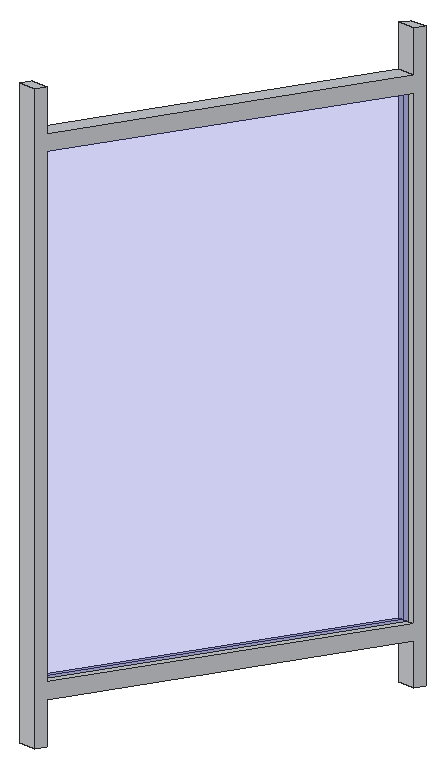
Revit family
Parameters (values of type "600mm - Glass")
  built-in parameter 1008623 [instance] = (empty or 0)
  built-in parameter 1008625 [instance] = 18.00°
  Post = no
  Panel Material = Glass
  Width [instance] = 600 mm
  Frame Material = none
  built-in parameter 1008624 [instance] = (empty or 0)
  built-in parameter 1008622 [instance] = 750 mm
Types (4, lengths in mm): name | Panel Material | Width
  (no name) | Glass | 600
  600mm - Glass | Glass | 600
  600mm - Chainlink | Chainlink | 600
  450mm - Glass | Glass | 450
Reference planes
  plane 1 "Center (Front/Back)": y = 0
  plane 2: z = 0
  plane 3 "Center (Left/Right)": x = 0
  plane 4 "Top": z = 750
  plane 5 "Slope Angle (Top)": through (0, 220.419, 678.381) normal (0, -0.309, -0.9511)
  plane 6 "Slope Angle (Bottom)": through (0, 0, 0) normal (0, -0.309, -0.9511)
  plane 7 "Front": y = 300
  plane 8 "Back": y = -300
  plane 9: z = 1054.8
  plane 10: z = -304.8
  plane 11: x = -19.05
  plane 12: x = 25.4
  plane 13: x = -9.525
  plane 14: x = 9.525
  plane 15: x = -3.175
  plane 16: x = 3.175
Forms (mm)
  Extrusion 1, solid, material <- "Frame Material"
    sketch origin (0, 0, 0) x (1, 0, 0) y (0, 1, 0)
      loop
        line (-9.525, 309.525) -> (-9.525, 290.475) -> (9.525, 290.475) -> (9.525, 309.525) -> (-9.525, 309.525)
    from -304.8 to 1054.8
  Extrusion 2, solid, material <- "Frame Material"
    sketch origin (0, 0, 0) x (1, 0, 0) y (0, 1, 0)
      loop
        line (-9.525, -290.475) -> (-9.525, -309.525) -> (9.525, -309.525) -> (9.525, -290.475) -> (-9.525, -290.475)
    from -304.8 to 1054.8
  Extrusion 3, void
    sketch origin (0, 0, 0) x (0, 1, 0) y (0, 0, 1)
      loop
        line (-334.925, -304.8) -> (334.925, -304.8) -> (334.925, -108.824) -> (-334.925, 108.824) -> (-334.925, -304.8)
      loop
        line (334.925, 1054.8) -> (-334.925, 1054.8) -> (-334.925, 858.824) -> (334.925, 641.176) -> (334.925, 1054.8)
    from -19.05 to 25.4
  Extrusion 4, solid, material <- "Frame Material"
    sketch origin (0, 0, 0) x (0, 1, 0) y (0, 0, 1)
      loop
        line (-300, 774.031) -> (300, 579.079) -> (300, 599.11) -> (-300, 794.062) -> (-300, 774.031)
    from -9.525 to 9.525
  Extrusion 5, solid, material <- "Frame Material"
    sketch origin (0, 0, 0) x (0, 1, 0) y (0, 0, 1)
      loop
        line (-300, 170.921) -> (-300, 150.89) -> (300, -44.062) -> (300, -24.031) -> (-300, 170.921)
    from -9.525 to 9.525
  Extrusion 6, solid, material "Glass" <- "Panel Material"
    sketch origin (0, 0, 0) x (0, 1, 0) y (0, 0, 1)
      loop
        line (290.475, -20.936) -> (290.475, 582.174) -> (-290.475, 770.936) -> (-290.475, 167.826) -> (290.475, -20.936)
    from -3.175 to 3.175
Cuts and joins
  Extrusion 3 cuts Extrusion 1
  Extrusion 3 cuts Extrusion 2
  joined: Extrusion 1, Extrusion 2, Extrusion 4, Extrusion 5
Lines and regions (mm)
  symbolic lines, style "InvisibleLines"
    curve 1: line (0, -300, 773.84) -> (0, 300.36, 578.772)
    curve 2: line (0, -300, 170.921) -> (0, 300, -24.031)
Text (mm)
  text "Baluster Panel Elevation" at (0, 1279.138, 1234.25), in view "Left"
Dimensions and locks
  "built-in parameter 1008622": plane 2 to plane 4 "Top"
  "Width": plane 8 "Back" to plane 7 "Front"
  plane 8 "Back" to plane 1 "Center (Front/Back)" to plane 7 "Front" = 300 mm, 300 mm
  curve 1 to plane 5 "Slope Angle (Top)" = 70.032 mm  (x2)
  curve 1 to Extrusion 4 sketch curve = 19.232 mm
  plane 4 "Top" to plane 9 = 304.8 mm
  level to plane 10 = 304.8 mm
  plane 6 "Slope Angle (Bottom)" to curve 2 = 69.85 mm  (x2)
  curve 2 to Extrusion 5 sketch curve = 19.05 mm
  plane 13 to plane 3 "Center (Left/Right)" to plane 14 = 9.525 mm, 9.525 mm
  plane 13 to plane 14 = 19.05 mm
  plane 15 to plane 16 = 6.35 mm
  plane 15 to plane 3 "Center (Left/Right)" to plane 16 = 3.175 mm, 3.175 mm
  "built-in parameter 1008625": angle plane 4 "Top" to plane 5 "Slope Angle (Top)"
  "built-in parameter 1008625": angle level to plane 6 "Slope Angle (Bottom)"
  aligned: Extrusion 1 to plane 9
  aligned: plane 10 to Extrusion 1
  aligned: Extrusion 2 to Extrusion 1
  aligned: Extrusion 1 to Extrusion 2
  aligned: plane 10 to Extrusion 3 sketch curve
  aligned: Extrusion 3 sketch curve to plane 6 "Slope Angle (Bottom)"
  aligned: Extrusion 3 sketch curve to plane 9
  aligned: plane 5 "Slope Angle (Top)" to Extrusion 3 sketch curve
  aligned: plane 11 to Extrusion 3
  aligned: Extrusion 3 to plane 12
  aligned: Extrusion 4 sketch curve to plane 7 "Front"
  aligned: Extrusion 4 sketch curve to plane 8 "Back"
  aligned: plane 7 "Front" to curve 2
  aligned: plane 8 "Back" to curve 2
  aligned: Extrusion 5 sketch curve to curve 2
  aligned: Extrusion 1 sketch curve to plane 13
  aligned: plane 14 to Extrusion 1 sketch curve
  aligned: Extrusion 2 sketch curve to plane 13
  aligned: plane 14 to Extrusion 2 sketch curve
  aligned: plane 13 to Extrusion 4
  aligned: Extrusion 4 to plane 14
  aligned: cut or joined group of Extrusion 1, Extrusion 2, Extrusion 3, Extrusion 4, Extrusion 5 to Extrusion 5  (x2)
  aligned: Extrusion 6 sketch curve to cut or joined group of Extrusion 1, Extrusion 2, Extrusion 3, Extrusion 4, Extrusion 5  (x4)
  aligned: Extrusion 6 to plane 15
  aligned: Extrusion 6 to plane 16
Automatic sketch dimensions
  plane 8 "Back" to Extrusion 3 sketch curve = 34.925 mm  (x2)
  Extrusion 3 sketch curve to plane 7 "Front" = 34.925 mm  (x2)
  Extrusion 4 sketch curve to Extrusion 4 sketch curve = 20.03 mm  (x2)
  curve 1 to plane 8 "Back" = 0 mm
  curve 1 to plane 7 "Front" = 0.36 mm
  Extrusion 5 sketch curve to plane 8 "Back" = 0 mm
  Extrusion 5 sketch curve to plane 7 "Front" = 0 mm
  plane 7 "Front" to Extrusion 1 sketch curve = 9.525 mm
  Extrusion 1 sketch curve to plane 7 "Front" = 9.525 mm
  plane 8 "Back" to Extrusion 2 sketch curve = 9.525 mm
  Extrusion 2 sketch curve to plane 8 "Back" = 9.525 mm
